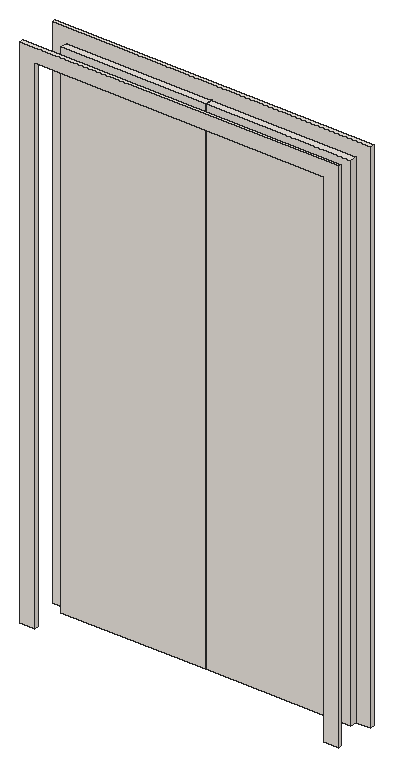
Revit family "Porta_Dupla", category Doors, host Wall, Revit 2025
Family settings
  Host = Wall
  OmniClass Number = 23.30.10.00
  OmniClass Title = Doors
  Always vertical = Yes
  Cut with Voids When Loaded = No
  Shared = No
  Room Calculation Point = Yes
Parameters (values of type "POR_120x210_DUS_INT_CEG")
  Width = 1200.00 mm
  Visual Light Transmittance = 0
  Thickness = 30.00 mm
  Thermal Resistance (R) = 0.270117 (m²·K)/W
  Solar Heat Gain Coefficient = 0
  Define Thermal Properties by = Schematic Type
  Construction Type Id = "MDOOR"
  Heat Transfer Coefficient (U) = 3.7021 W/(m²·K)
  Function = Interior
  Door Material = CT_Porta_Folha
  Frame Material = CT_Porta_Marco
  Height = 2100.00 mm
  Trim Projection Ext = 15.00 mm
  Trim Projection Int = 15.00 mm
  Trim Width = 60.00 mm
  Wall Closure = By host
  Width_Large = 600.00 mm
  Width_Small = Width - Width_Large  # 600.00 mm
  Analytic Construction = "Metal"
Types (21, lengths in mm): name | Width | Door Material | Trim Projection Ext | Trim Projection Int | Trim Width | Width_Large | Width_Small
  POR_070x210_DUS_BOX_CEG | 1200.00 | none | 93.248 | 15.00 | 60.00 | 600.00 | 600.00
  POR_080x210-060_DUA_INT_CEG | 800.00 | none | 12.50 | 12.50 | 35.00 | 600.00 | 200.00
  POR_350x210_DUS_INT_CEG | 3500.00 | none | 12.50 | 12.50 | 35.00 | 1750.00 | 1750.00
  POR_300x210_DUS_INT_CEG | 3000.00 | none | 12.50 | 12.50 | 35.00 | 1500.00 | 1500.00
  POR_290x210_DUS_INT_CEG | 2900.00 | none | 12.50 | 12.50 | 35.00 | 1450.00 | 1450.00
  POR_080x210_DUS_INT_CEG | 800.00 | none | 12.50 | 12.50 | 35.00 | 400.00 | 400.00
  POR_130x210_DUS_INT_CEG | 1300.00 | none | 12.50 | 12.50 | 35.00 | 650.00 | 650.00
  POR_270x210_DUS_INT_CEG | 2700.00 | none | 12.50 | 12.50 | 35.00 | 1350.00 | 1350.00
  POR_100x210_DUS_INT_CEG | 1000.00 | none | 12.50 | 12.50 | 35.00 | 500.00 | 500.00
  POR_250x210_DUS_INT_CEG | 2500.00 | none | 12.50 | 12.50 | 35.00 | 1250.00 | 1250.00
  POR_200x210_DUS_INT_CEG | 2000.00 | none | 12.50 | 12.50 | 35.00 | 1000.00 | 1000.00
  POR_120x210-080_DUA_INT_CEG | 1200.00 | none | 12.50 | 12.50 | 35.00 | 800.00 | 400.00
  POR_140x210-080_DUA_INT_CEG | 1400.00 | none | 12.50 | 12.50 | 35.00 | 600.00 | 800.00
  POR_120x210_DUS_INT_CEG | 1200.00 | CT_Porta_Folha | 15.00 | 15.00 | 60.00 | 600.00 | 600.00
  POR_180x210_DUS_INT_CEG | 1800.00 | none | 12.50 | 12.50 | 35.00 | 900.00 | 900.00
  POR_160x210_DUS_INT_CEG | 1600.00 | none | 12.50 | 12.50 | 35.00 | 800.00 | 800.00
  POR_500x210_DUS_AUD_ACU | 5000.00 | none | 12.50 | 12.50 | 35.00 | 2500.00 | 2500.00
  POR_140x210_DUS_AUD_ACU | 1400.00 | none | 12.50 | 12.50 | 35.00 | 700.00 | 700.00
  POR_180x210_DUS_AUD_ACU | 1800.00 | none | 12.50 | 12.50 | 35.00 | 900.00 | 900.00
  POR_200x210_DUS_AUD_ACU | 2000.00 | none | 12.50 | 12.50 | 35.00 | 1000.00 | 1000.00
  POR_120x210_DUS_ACD_VIS_MET | 1250.00 | none | 10.00 | 10.00 | 30.00 | 625.00 | 625.00
Reference planes
  plane 1: y = 0
  plane 2: z = 0
  plane 3 "Center": x = -498
  plane 4 "Left": x = -1098
  plane 5 "Right": x = 102
  plane 6 "Top": z = 2100
Forms (mm)
  Extrusion 1, solid, material "CT_Porta_Marco" <- "Frame Material"
    sketch origin (-2286, 76.2, 0) x (-1, 0, 0) y (0, 0, 1)
      loop
        line (-2388, 2100) -> (-1188, 2100) -> (-1188, 0) -> (-1128, 0) -> (-1128, 2160) -> (-2448, 2160) -> (-2448, 0) -> (-2388, 0) -> (-2388, 2100)
    from 0 to 15
  Extrusion 2, solid, material "CT_Porta_Marco" <- "Frame Material"
    sketch origin (-2286, -76.2, 0) x (1, 0, 0) y (0, 0, 1)
      loop
        line (1188, 0) -> (1188, 2100) -> (2388, 2100) -> (2388, 0) -> (2448, 0) -> (2448, 2160) -> (1128, 2160) -> (1128, 0) -> (1188, 0)
    from 0 to 15
  Extrusion 3, solid, material "CT_Porta_Folha" <- "Door Material"
    sketch origin (0, 0, 0) x (1, 0, 0) y (0, 1, 0)
      loop
        line (-1098, 76.2) -> (-1098, 46.2) -> (-498, 46.2) -> (-498, 76.2) -> (-1098, 76.2)
    from 0 to 2100
  Extrusion 4, solid, material "CT_Porta_Folha" <- "Door Material"
    sketch origin (-996, 0, 0) x (-1, 0, 0) y (0, -1, 0)
      loop
        line (-1098, -76.2) -> (-498, -76.2) -> (-498, -46.2) -> (-1098, -46.2) -> (-1098, -76.2)
    from 0 to 2100
Lines and regions (mm)
  Opening 1
    outline origin (-2286, -76.2, 0) x (1, 0, 0) y (0, 0, 1)
      loop
        line (1188, 0) -> (2388, 0) -> (2388, 2100) -> (1188, 2100) -> (1188, 0)
  symbolic lines, style "Plan Swing"
    curve 1: arc (-498, 76.2, 0) -> (-673.736, 500.464, 0) -> (-1098, 676.2, 0) r 600
  symbolic lines, style "DoorsPanelProjection"
    curve 2: line (-1098, 76.2, 0) -> (-1068, 76.2, 0)
    curve 3: line (-1098, 76.2, 0) -> (-1098, 675.327, 0)
    curve 4: line (-1098, 675.327, 0) -> (-1065.651, 675.327, 0)
    curve 5: line (-1068, 76.2, 0) -> (-1068, 675.45, 0)
    curve 6: line (-498, 76.2, 0) -> (-498, 46.2, 0)
  symbolic lines, style "Elevation Swing"
    curve 7: line (-498, 0, 2100) -> (-1098, 0, 1050)
    curve 8: line (-1098, 0, 1050) -> (-498, 0, 0)
    curve 9: line (-498, 0, 2100) -> (102, 0, 1050)
    curve 10: line (102, 0, 1050) -> (-498, 0, 0)
Text (mm)
  text "Exterior" at (-1852.85, 748.929, 0), in view "Floor Line"
  text "Interior" at (-1852.85, -701.767, 0), in view "Floor Line"
  text "Exterior" at (0, 1019.848, 3124.603), in view "Right"
  text "Interior" at (0, -1635.541, 3124.603), in view "Right"
  text "Interior" at (0, -762.224, 2974.944), in view "Left"
  text "Exterior" at (0, 1135.773, 2974.944), in view "Left"
Dimensions and locks
  Extrusion 2 sketch curve to plane 4 "Left" = 60.00 mm
  Extrusion 2 sketch curve to plane 5 "Right" = 60.00 mm
  "Trim Width": Extrusion 2 sketch curve to plane 6 "Top"
  Extrusion 1 sketch curve to Extrusion 1 sketch curve = 60.00 mm  (x2)
  "Trim Width": Extrusion 1 sketch curve to plane 6 "Top"
  "Trim Projection Int": Extrusion 2 to host wall
  "Trim Projection Ext": Extrusion 1 to host wall
  plane 4 "Left" to plane 3 "Center" to plane 5 "Right" = 600.00 mm, 600.00 mm
  "Thickness": curve 5 to curve 3
  "Thickness": Extrusion 1 to Extrusion 3 sketch curve
  "Width_Large": plane 4 "Left" to plane 3 "Center"
  "Width_Small": plane 3 "Center" to plane 5 "Right"
  level to plane 2 = 0.00 mm
  "Height": plane 6 "Top" to level
  equal spacing: level, curve 8, plane 6 "Top"
  equal spacing: level, curve 10, plane 6 "Top"
  "Trim Width": Extrusion 2 to Extrusion 2  (x2)
  "Trim Width": Extrusion 1 to Extrusion 1  (x2)
  "Trim Projection Ext": Extrusion 1 to Extrusion 1
  Extrusion 1 to Extrusion 1 = 60.00 mm
  aligned and locked: plane 4 "Left" to Opening 1 sketch curve
  aligned and locked: plane 6 "Top" to Opening 1 sketch curve  (x2)
  aligned and locked: Opening 1 sketch curve to plane 5 "Right"
  aligned and locked: Opening 1 sketch curve to level
  aligned and locked: plane 6 "Top" to Extrusion 1 sketch curve  (x2)
  aligned and locked: plane 4 "Left" to Extrusion 1 sketch curve
  aligned and locked: Extrusion 1 sketch curve to plane 4 "Left"
  aligned and locked: level to Extrusion 1 sketch curve
  aligned and locked: plane 5 "Right" to Extrusion 1 sketch curve
  aligned and locked: Extrusion 1 to host wall
  aligned and locked: plane 4 "Left" to Extrusion 2 sketch curve
  aligned and locked: plane 6 "Top" to Extrusion 2 sketch curve  (x2)
  aligned and locked: plane 5 "Right" to Extrusion 2 sketch curve  (x2)
  aligned and locked: level to Extrusion 2 sketch curve
  aligned and locked: Extrusion 2 sketch curve to level
  aligned and locked: Extrusion 2 to host wall
  aligned and locked: Extrusion 1 to Extrusion 3 sketch curve
  aligned and locked: Extrusion 3 to host wall  (x2)
  aligned and locked: plane 5 "Right" to host wall  (x2)
  aligned and locked: Extrusion 1 sketch curve to level
  aligned and locked: Extrusion 2 sketch curve to Extrusion 1
  aligned and locked: Extrusion 1 to curve 2
  aligned and locked: level to plane 2
  aligned and locked: plane 3 "Center" to Extrusion 3
  aligned and locked: Extrusion 4 to plane 5 "Right"
  aligned and locked: Extrusion 4 to plane 3 "Center"
  aligned and locked: Extrusion 3 to Extrusion 4
  aligned and locked: Extrusion 4 to Extrusion 3
Automatic sketch dimensions
  curve 1 to host wall = 0.00 mm
  curve 1 to plane 4 "Left" = 0.00 mm
  curve 4 to plane 4 "Left" = 0.00 mm
  curve 6 to plane 3 "Center" = 0.00 mm
  curve 6 to host wall = 30.00 mm
  curve 4 to curve 1 = 0.873 mm
  curve 9 to plane 3 "Center" = 0.00 mm
  curve 9 to plane 6 "Top" = 0.00 mm
  curve 10 to level = 0.00 mm
  plane 4 "Left" to curve 7 = 0.00 mm
  curve 8 to plane 3 "Center" = 0.00 mm
  plane 5 "Right" to curve 10 = 0.00 mm
  Extrusion 3 sketch curve to plane 4 "Left" = 0.00 mm
  Extrusion 3 sketch curve to plane 3 "Center" = 0.00 mm
  Extrusion 4 sketch curve to host wall = 0.00 mm
  plane 5 "Right" to Extrusion 4 sketch curve = 0.00 mm
  Extrusion 4 sketch curve to plane 3 "Center" = 0.00 mm
  Extrusion 4 sketch curve to host wall = 30.00 mm
